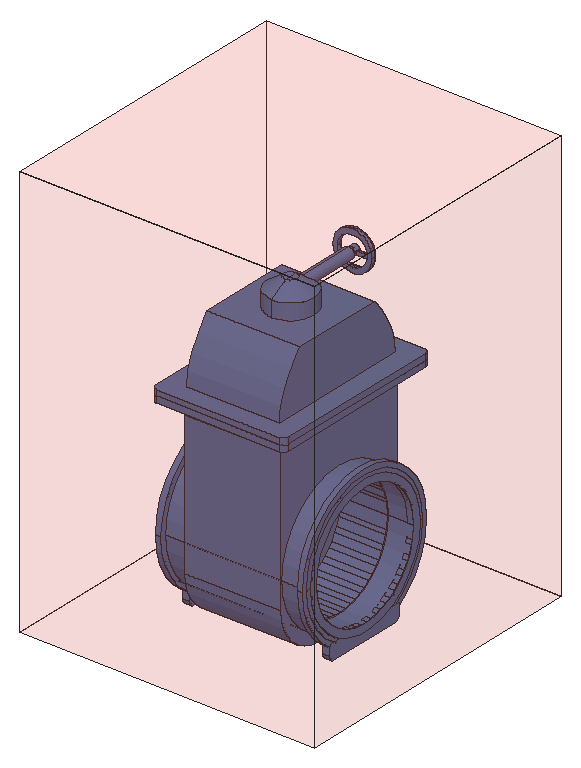
Revit family "Поли-Групп_ЗадвижкаКлиноваяEAZ-EК-F5_DN1000-1200", category Арматура трубопроводов, Revit 2019
Family settings
  Размер круглого соединителя = Использовать диаметр
  Тип детали = Клапан - Вставляется
  На основе рабочей плоскости = Нет
  Всегда вертикально = Да
  При загрузке вырезать с полостями = Нет
  Общий = Нет
Parameters (values of type "Загрузите типоразмеры из каталог семейств")
  с = H1 - D * 0.5  # 0.5 mm
  Тип присоединения = "Фланцевое"  # constant formula
  Тип привода = "Редуктор"  # constant formula
  Температура рабочей среды = "0 до +70°С"  # constant formula
  ТВ = "Поли-Групп_ЗадвижкаКлиноваяEAZ-EК-F5_DN1000-1200"  # constant formula
  Срок службы = "50 лет"  # constant formula
  Сервисная зона_Вкл_Выкл [instance] = yes
  Разработчик = "https://3dbim.pro/"
  Рабочая среда = "Техническая вода, канализационные стоки, морская вода"  # constant formula
  Покрытие = "Высококачественное эпоксидное покрытие толщиной 300 мкм"  # constant formula
  Корпус_Глубина = A * 0.8  # 1174.4 mm
  R1 = R * 10  # 390 mm
  L1 = size_lookup(ТВ, "L1", 500 mm, DN, PN)  # 700 mm
  D1 = size_lookup(ТВ, "D1", 340 mm, DN, PN)  # 1160 mm
  A = size_lookup(ТВ, "A", 340 mm, DN, PN)  # 1468 mm
  l3 = L * 0.9  # 1080 mm
  Назначение = "Для установки в качестве запорного устройства на трубопроводах"  # constant formula
  Материал уплотнителя = "PTFE"  # constant formula
  Материал Диска = "Высокопрочный чугун с шаровидным графитом (GGG-40)"  # constant formula
  d1 = DN / 4  # 250 mm
  Класс герметичности = "А по ГОСТ Р 9544-2015"  # constant formula
  Manufacturer = ""
  h2 = H2 * 0.6  # 1095 mm
  Габаритные размеры = size_lookup(ТВ, "Габаритные размеры", "нет данных", DN, PN)  # "1200х1255х1825"
  t = h2 * 0.1  # 109.5 mm
  l2 = L * 0.65  # 780 mm
  l1 = L * 0.6  # 720 mm
  b = size_lookup(ТВ, "b", 20 mm, DN, PN)  # 50 mm
  PN = 10.0 bar
  H1 = size_lookup(ТВ, "H1", 40 mm, DN, PN)  # 628 mm
  D2 = size_lookup(ТВ, "D2", 295 mm, DN, PN)  # 1112 mm
  f = size_lookup(ТВ, "f", 3 mm, DN, PN)  # 5 mm
  URL = ""
  R = size_lookup(ТВ, "R", 40 mm, DN, PN)  # 39 mm
  L = size_lookup(ТВ, "L", 500 mm, DN, PN)  # 1200 mm
  Kv = size_lookup(ТВ, "Kv", 1.0 m³/h, DN, PN)  # 1.0 m³/h
  H2 = size_lookup(ТВ, "H2", 250 mm, DN, PN)  # 1825 mm
  D_Наружный = DN + 9 mm  # 1009 mm
  DN = 1000 mm
  D = size_lookup(ТВ, "D", 340 mm, DN, PN)  # 1255 mm
  ADSK_Расход жидкости [instance] = 0.0 m³/h
  ADSK_Примечание = ""
  ADSK_Потеря давления жидкости [instance] = (ADSK_Расход жидкости / Kv) ^ 2 * 1.0 bar  # 0.0 bar
  ADSK_Позиция = ""
  ADSK_Обозначение = ""
  ADSK_Наименование краткое = size_lookup(ТВ, "ADSK_Наименование краткое", "нет данных", DN, PN)  # "Задвижка клиновая EAZ EK F5 DN1000 PN10"
  ADSK_Наименование = size_lookup(ТВ, "ADSK_Наименование", "нет данных", DN, PN)  # "Задвижка с обрезиненным клином EAZ EK F5 для воды с мягким уплотнением фланцевая маховик DN1000 PN10"
  ADSK_Материал наименование = "Высокопрочный чугун с шаровидным графитом (GGG-40)"  # constant formula
  ADSK_Материал = Высокопрочный чугун GGG-40
  ADSK_Масса_Текст = size_lookup(ТВ, "ADSK_Масса_Текст", "нет данных", DN, PN)  # "нет данных"
  ADSK_Масса = size_lookup(ТВ, "ADSK_Масса", 0, DN)  # 3050
  ADSK_Марка = size_lookup(ТВ, "ADSK_Код изделия", "нет данных", DN, PN)  # "EAZ-GV-4-F5 DN1000 PN10"
  ADSK_Количество = 1  # constant formula
  ADSK_Код изделия = ""
  ADSK_Завод-изготовитель = "ООО ПК «Поли-Групп»"  # constant formula
  ADSK_Единица измерения = "шт"  # constant formula
  ADSK_Версия Revit = "2019"  # constant formula
  ADSK_URL страницы изделия = "https://www.polycorr.ru/"
Reference planes
  plane 1 "По центру (Вперед/Назад)": y = 0
  plane 2: z = 0
  plane 3 "По центру (Влево/Вправо)": x = 0
  plane 4: y = 500
  plane 5: y = -500
  plane 6: x = -600
  plane 7: x = 600
  plane 8: x = -154
  plane 9: x = 154
  plane 10: y = 556
  plane 11: y = -556
  plane 12: y = 587.2
  plane 13: y = -587.2
  plane 14 "Корпус": z = 1095
  plane 15: z = 1045
  plane 16: z = 935.5
  plane 17: x = -390
  plane 18: x = 390
  plane 19: x = -360
  plane 20: x = 360
  plane 21: y = 734
  plane 22: y = -734
  plane 23: x = 540
  plane 24: x = -540
  plane 25: y = 587.2
  plane 26: y = -587.2
  plane 27: x = -5
  plane 28: x = 5
  plane 29: z = 500
  plane 30: z = -500
  plane 31 "Штурвал": z = 1825
  plane 32: y = -350
  plane 33: y = 350
  plane 34: z = -628
Forms (mm)
  Revolve 1, solid, material "Высокопрочный чугун GGG-40" <- "ADSK_Материал", detail levels fine
    sketch origin (0, 0, 0) x (1, 0, 0) y (0, 1, 0)
      loop
        line (-600, 587.2) -> (-600, 0) -> (600, 0) -> (600, 587.2) -> (-600, 587.2)
      axis (-600, 0) -> (600, 0)
    angle from 0 to 360
  Extrusion 2, solid, material "Высокопрочный чугун GGG-40" <- "ADSK_Материал", detail levels fine
    sketch origin (-117.677, -1524, 1045) x (-1, 0, 0) y (0, -1, 0)
      loop
        arc (383.323, -2258) -> (410.9, -2246.577) -> (422.323, -2219) r 39
        line (422.323, -2219) -> (422.323, -829)
        arc (422.323, -829) -> (410.9, -801.423) -> (383.323, -790) r 39
        line (383.323, -790) -> (-618.677, -790)
        arc (-618.677, -790) -> (-646.255, -801.423) -> (-657.677, -829) r 39
        line (-657.677, -829) -> (-657.677, -2219)
        arc (-657.677, -2219) -> (-646.255, -2246.577) -> (-618.677, -2258) r 39
        line (-618.677, -2258) -> (383.323, -2258)
    from 0 to 50
  Extrusion 3, solid, material "Высокопрочный чугун GGG-40" <- "ADSK_Материал", detail levels fine
    sketch origin (-117.677, -1524, 935.5) x (-1, 0, 0) y (0, -1, 0)
      loop
        line (272.323, -936.8) -> (-507.677, -936.8) -> (-507.677, -2111.2) -> (272.323, -2111.2) -> (272.323, -936.8)
    from 0 to 109.5
  Extrusion 4, void
    sketch origin (-154, 168.089, 1200) x (0, -1, 0) y (0, 0, 1)
      loop
        circle (168.089, -1200) r 500
    from 446 to -754
  Extrusion 5, solid, material "Высокопрочный чугун GGG-40" <- "ADSK_Материал", detail levels fine
    sketch origin (0, 0, 0) x (0, 1, 0) y (0, 0, 1)
      loop
        circle (0, 0) r 500
    from -5 to 5
  Extrusion 6, solid, material "Высокопрочный чугун GGG-40" <- "ADSK_Материал", detail levels fine
    sketch origin (0, 0, 0) x (1, 0, 0) y (0, 1, 0)
      loop
        circle (0, 0) r 125
    from -500 to 500
  Extrusion 7, solid, material "Высокопрочный чугун GGG-40" <- "ADSK_Материал", detail levels fine
    sketch origin (0, 0, 0) x (0, 1, 0) y (0, 0, 1)
      loop
        line (-587.2, 935.5) -> (-587.2, -225)
        arc (-587.2, -225) -> (-472.972, -500.772) -> (-197.2, -615) r 390
        line (-197.2, -615) -> (197.2, -615)
        arc (197.2, -615) -> (472.972, -500.772) -> (587.2, -225) r 390
        line (587.2, -225) -> (587.2, 935.5) -> (-587.2, 935.5)
    from -390 to 390
  Extrusion 8, solid, material "Высокопрочный чугун GGG-40" <- "ADSK_Материал", detail levels fine
    sketch origin (0, 0, 0) x (0, 1, 0) y (0, 0, 1)
      loop
        arc (310, -628) -> (338.284, -616.284) -> (350, -588) r 40
        line (350, -588) -> (350, -500) -> (-350, -500) -> (-350, -588)
        arc (-350, -588) -> (-338.284, -616.284) -> (-310, -628) r 40
        line (-310, -628) -> (310, -628)
    from 600 to 540
  Extrusion 9, solid, material "Высокопрочный чугун GGG-40" <- "ADSK_Материал", detail levels fine
    sketch origin (0, 0, 0) x (0, 1, 0) y (0, 0, 1)
      loop
        line (-350, -500) -> (-350, -588)
        arc (-350, -588) -> (-338.284, -616.284) -> (-310, -628) r 40
        line (-310, -628) -> (310, -628)
        arc (310, -628) -> (338.284, -616.284) -> (350, -588) r 40
        line (350, -588) -> (350, -500) -> (-350, -500)
    from -540 to -600
Cuts and joins
  Extrusion 4 cuts Revolve 1
  Extrusion 4 cuts Extrusion 7
Dimensions and locks
  equal spacing: plane 4, plane 1 "По центру (Вперед/Назад)", plane 5
  "DN": plane 4 to plane 5
  equal spacing: plane 10, plane 1 "По центру (Вперед/Назад)", plane 11
  "D2": plane 10 to plane 11
  equal spacing: plane 12, plane 1 "По центру (Вперед/Назад)", plane 13
  "Корпус_Глубина": plane 12 to plane 13
  "b": plane 14 "Корпус" to plane 15
  "h2": plane 14 "Корпус" to plane 2
  equal spacing: plane 19, plane 3 "По центру (Влево/Вправо)", plane 20
  "l1": plane 19 to plane 20
  equal spacing: plane 17, plane 3 "По центру (Влево/Вправо)", plane 18
  "l2": plane 17 to plane 18
  equal spacing: plane 21, plane 1 "По центру (Вперед/Назад)", plane 22
  "A": plane 21 to plane 22
  equal spacing: plane 24, plane 3 "По центру (Влево/Вправо)", plane 23
  "l3": plane 24 to plane 23
  "Корпус_Глубина": plane 25 to plane 26
  equal spacing: plane 26, plane 1 "По центру (Вперед/Назад)", plane 25
  equal spacing: plane 28, plane 3 "По центру (Влево/Вправо)", plane 27
  locked: plane 28 to plane 3 "По центру (Влево/Вправо)" at 5
  "t": plane 15 to plane 16
  equal spacing: plane 29, level, plane 30
  "DN": plane 29 to plane 30
  "H2": plane 31 "Штурвал" to level
  equal spacing: plane 6, nested 3, plane 7
  "L": plane 6 to plane 7
  equal spacing: plane 6, plane 3 "По центру (Влево/Вправо)", plane 7
  equal spacing: plane 32, plane 1 "По центру (Вперед/Назад)", plane 33
  "L1": plane 32 to plane 33
  "H1": level to plane 34
  "R": radius of Extrusion 2 sketch curve  (x4)
  "DN": diameter of Extrusion 4 sketch curve
  "DN": diameter of Extrusion 5 sketch curve
  "d1": diameter of Extrusion 6 sketch curve
  "R1": radius of Extrusion 7 sketch curve  (x2)
  radius of Extrusion 8 sketch curve = 40 mm  (x2)
  radius of Extrusion 9 sketch curve = 40 mm  (x2)
  aligned and locked: level to plane 2
  aligned and locked: Revolve 1 sketch curve to plane 12
  aligned and locked: plane 1 "По центру (Вперед/Назад)" to Revolve 1 sketch curve
  aligned and locked: Extrusion 2 sketch curve to plane 21
  aligned and locked: Extrusion 2 sketch curve to plane 24
  aligned and locked: Extrusion 2 sketch curve to plane 22
  aligned and locked: Extrusion 2 sketch curve to plane 23
  aligned and locked: plane 14 "Корпус" to Extrusion 2
  aligned and locked: plane 26 to Extrusion 3 sketch curve
  aligned and locked: Extrusion 3 sketch curve to plane 17
  aligned and locked: Extrusion 3 sketch curve to plane 25
  aligned and locked: Extrusion 3 sketch curve to plane 18
  aligned and locked: Revolve 1 sketch curve to plane 1 "По центру (Вперед/Назад)"
  aligned and locked: nested 1 to plane 1 "По центру (Вперед/Назад)"
  aligned and locked: plane 1 "По центру (Вперед/Назад)" to nested 2
  aligned and locked: Extrusion 5 to plane 27
  aligned and locked: Extrusion 5 to plane 28
  aligned and locked: Extrusion 3 to plane 15
  aligned and locked: Extrusion 6 to plane 30
  aligned and locked: plane 29 to Extrusion 6
  aligned and locked: plane 1 "По центру (Вперед/Назад)" to nested 3
  aligned and locked: Revolve 1 sketch curve to plane 7
  aligned and locked: cut or joined group of Revolve 1, Extrusion 4 to plane 6
  aligned and locked: Extrusion 4 to plane 6
  aligned and locked: plane 7 to Extrusion 4
  aligned and locked: plane 3 "По центру (Влево/Вправо)" to nested 4
  aligned and locked: plane 1 "По центру (Вперед/Назад)" to nested 4
  aligned and locked: nested 4 to level
  aligned and locked: plane 3 "По центру (Влево/Вправо)" to nested 5
  aligned and locked: nested 5 to level
  aligned and locked: plane 3 "По центру (Влево/Вправо)" to nested 6
  aligned and locked: Extrusion 7 sketch curve to Extrusion 3  (x2)
  aligned and locked: Extrusion 7 sketch curve to plane 12
  aligned and locked: Extrusion 7 to plane 17
  aligned and locked: Extrusion 7 to plane 18
  aligned and locked: plane 34 to Extrusion 8 sketch curve
  aligned and locked: plane 32 to Extrusion 8 sketch curve
  aligned and locked: Extrusion 8 sketch curve to plane 33
  aligned and locked: Extrusion 8 sketch curve to Extrusion 6
  aligned and locked: Extrusion 9 sketch curve to plane 30
  aligned and locked: plane 32 to Extrusion 9 sketch curve
  aligned and locked: plane 34 to Extrusion 9 sketch curve
  aligned and locked: plane 33 to Extrusion 9 sketch curve
  aligned and locked: nested 1 to Extrusion 9
  aligned and locked: Extrusion 9 to plane 24
  aligned and locked: Extrusion 8 to nested 2
  aligned and locked: Extrusion 8 to plane 23
  aligned and locked: Extrusion 9 to plane 6
  aligned and locked: plane 7 to Extrusion 8
Automatic sketch dimensions
  Revolve 1 sketch curve to plane 6 = 14 mm
  Revolve 1 sketch curve to plane 7 = 5 mm
  Revolve 1 sketch curve to plane 6 = 0 mm
  Extrusion 8 sketch curve to plane 30 = 0 mm
  Extrusion 4 sketch curve to level = 0 mm
  Extrusion 4 sketch curve to plane 1 "По центру (Вперед/Назад)" = 0 mm
  Extrusion 5 sketch curve to level = 0 mm
  Extrusion 5 sketch curve to plane 1 "По центру (Вперед/Назад)" = 0 mm
  plane 1 "По центру (Вперед/Назад)" to Extrusion 6 sketch curve = 0 mm
  Extrusion 6 sketch curve to plane 3 "По центру (Влево/Вправо)" = 0 mm
  Extrusion 7 sketch curve to level = 225 mm
Nested families
  nested 1: "Вл_Фланец" at (-555, 0, 0) x (-1, 0, 0) z (0, 0, 1), type "Вл_Фланец", detail levels fine
    with D2 1112 mm, D 1255 mm, b 50 mm, DN 1000 mm
  nested 2: "Вл_Фланец" at (555, 0, 0), type "Вл_Фланец", detail levels fine
    with D2 1112 mm, D 1255 mm, b 50 mm, DN 1000 mm
  nested 3: "Вл_КрышкаКорпусаРедукторEAZ-EK" at (0, 0, 1095), type "Вл_КрышкаКорпусаРедукторEAZ-EK", detail levels fine
  nested 4: "УГО_АТ_Задвижка" at (-0.685, 0, 0) x (1, 0, 0) z (0, -1, 0), type "УГО_АТ_Задвижка", detail levels coarse+medium
    with УГО_Длина 1200 mm, b 346.41 mm
  nested 5: "УГО_ЭУ_Задвижка" at (0, 0, 0) x (1, 0, 0) z (0, -1, 0), type "УГО_ЭУ_Задвижка", detail levels coarse+medium
    with УГО_Длина 1200 mm, b 346.41 mm
  nested 6: "Вл_СервиснаяЗона" at (0, 0, -19.073), visible <- "Сервисная зона_Вкл_Выкл", Длина <- "L", ВысотаНадОсью <- "H2", ВысотаПодОсью <- "H1", ДиаметрФланца <- "D", type "Вл_СервиснаяЗона", detail levels fine
    with СЗ_ШиринаНазад 1255 mm, СЗ_ШиринаВперед 1255 mm, СЗ_Длина 2400 mm, СЗ_ВысотаПодОсью 628 mm, СЗ_ВысотаНадОсью 2737.5 mm, Длина 1200 mm, ДиаметрФланца 1255 mm, ВысотаПодОсью 628 mm, ВысотаНадОсью 1825 mm, on_off yes
Connectors
  piping at (600, 0, 0), diameter 1000, driven by "DN", driven by "ADSK_Расход жидкости"
    settings: on cut or joined group of Revolve 1, Extrusion 4, index 1, connector inside diameter 609.6 mm, connector length 0 mm, flow factor 0, pipe flow 0.0 m³/h, pressure drop 0.0 bar, fitting loss kfactor 0, connector angle 0.00°, fixture units 0, engagement length 0 mm, angle of deflection 0.00°, flow configuration 0, flow direction 0, fitting loss method 0, system type 29, joint type 0, gender type 0, connector reference index 2, connector utility 0, adjustable connector no, is connector primary yes, connector description ""
  piping at (-600, 0, 0), diameter 1000, driven by "DN", driven by "ADSK_Расход жидкости", driven by "ADSK_Потеря давления жидкости"
    settings: on cut or joined group of Revolve 1, Extrusion 4, index 2, connector inside diameter 609.6 mm, connector length 0 mm, flow factor 0, pipe flow 0.0 m³/h, pressure drop 0.0 bar, fitting loss kfactor 0, connector angle 0.00°, fixture units 0, engagement length 0 mm, angle of deflection 0.00°, flow configuration 0, flow direction 0, fitting loss method 4, system type 29, joint type 0, gender type 0, connector reference index 1, connector utility 0, adjustable connector no, is connector primary no, connector description ""
Definition of nested family "Вл_Фланец"
  Parameters (values of type "Вл_Фланец")
    Материал = none
    Manufacturer = ""
    D2 = 682 mm
    f = 5 mm
    URL = ""
    D = 780 mm
    b = 36 mm
    DN = 600 mm
  Reference planes
    plane 1 "По центру (Вперед/Назад)": y = 0
    plane 2: z = 0
    plane 3 "По центру (Влево/Вправо)": x = 0
    plane 4: x = 31
    plane 5: x = 36
  Forms (mm)
    Extrusion 1, solid, material <- "Материал"
      sketch origin (0, 0, 0) x (0, 1, 0) y (0, 0, 1)
        loop
          circle (0, 1.343) r 390
        loop
          circle (0, 0) r 300
      from 0 to 31
    Extrusion 2, solid, material <- "Материал"
      sketch origin (31, 232.183, 1200) x (0, 1, 0) y (0, 0, 1)
        loop
          circle (-232.183, -1200) r 341
        loop
          circle (-232.183, -1200) r 300
      from 0 to 5
  Dimensions and locks
    "f": plane 4 to plane 5
    "b": plane 3 "По центру (Влево/Вправо)" to plane 5
    "D": diameter of Extrusion 1 sketch curve
    "DN": diameter of Extrusion 1 sketch curve
    "DN": diameter of Extrusion 2 sketch curve
    "D2": diameter of Extrusion 2 sketch curve
    aligned and locked: level to plane 2
    aligned and locked: Extrusion 1 to plane 4
    aligned and locked: Extrusion 2 to plane 5
  Automatic sketch dimensions
    Extrusion 1 sketch curve to level = 0 mm
    Extrusion 1 sketch curve to plane 1 "По центру (Вперед/Назад)" = 0 mm  (x2)
    level to Extrusion 1 sketch curve = 1.343 mm
    Extrusion 2 sketch curve to Extrusion 2 sketch curve = 0 mm  (x2)
    Extrusion 2 sketch curve to level = 0 mm
    Extrusion 2 sketch curve to plane 1 "По центру (Вперед/Назад)" = 0 mm
Definition of nested family "Вл_КрышкаКорпусаРедукторEAZ-EK"
  Parameters (values of type "Вл_КрышкаКорпусаРедукторEAZ-EK")
    Штурвал_Высота = DO * 0.25  # 80 mm
    Редуктор_Длина = Редуктор_Вал_r1 * 2  # 756 mm
    Редуктор_Высота = H2 * 0.05  # 91.25 mm
    Редукто_Диаметр = Крышка_Ширина * 0.25  # 189 mm
    Крышка_Ширина = l3 * 0.7  # 756 mm
    Крышка_Глубина = A * 0.8  # 1174.4 mm
    ТВ = "Поли-Групп_ЗадвижкаКлиноваяEAZ-EК-F5_DN1000-1200"  # constant formula
    Редуктор_Вал_r1 = Крышка_Ширина * 0.5  # 378 mm
    l3 = L * 0.9  # 1080 mm
    Default Elevation = 1219.2 mm
    Материал = none
    h2 = 1095 mm
    Manufacturer = ""
    PN = 10.0 bar
    A = size_lookup(ТВ, "A", 500 mm, DN, PN)  # 1468 mm
    Крышка_Высота = КрышкаКорпуса_Высота * 0.8  # 511 mm
    КрышкаКорпуса_Высота = H2 - h2 - Редуктор_Высота  # 638.75 mm
    Верх_Глубина = Редуктор_Вал_r2 / 5  # 45.36 mm
    b = size_lookup(ТВ, "b", 20 mm, DN, PN)  # 50 mm
    URL = ""
    R = size_lookup(ТВ, "R", 40 mm, DN, PN)  # 39 mm
    L = size_lookup(ТВ, "L", 500 mm, DN, PN)  # 1200 mm
    H2 = size_lookup(ТВ, "H2", 250 mm, DN, PN)  # 1825 mm
    Редуктор_Вал_r2 = Крышка_Ширина * 0.3  # 226.8 mm
    DO = 320 mm  # constant formula
    DN = 1000 mm
    D = size_lookup(ТВ, "D", 340 mm, DN, PN)  # 1255 mm
  Reference planes
    plane 1 "По центру (Вперед/Назад)": y = 0
    plane 2: z = 0
    plane 3 "По центру (Влево/Вправо)": x = 0
    plane 4: y = 734
    plane 5: y = -734
    plane 6: x = 540
    plane 7: x = -540
    plane 8: z = 50
    plane 9: x = 46.6
    plane 10: x = -46.6
    plane 11: y = 64.5
    plane 12 "1": y = -55
    plane 13: z = 511
    plane 14 "ШляпаНиз2": y = 587.2
    plane 15 "ШляпаНиз1": y = -587.2
    plane 16: x = 378
    plane 17: x = -378
    plane 18: x = 113.4
    plane 19: x = -113.4
    plane 20: y = 378
    plane 21: y = -378
    plane 22: z = 638.75
    plane 23: z = 255.5
    plane 24: z = 119.481
    plane 25 "Штурвал2": z = 730
    plane 26 "Штурвал": y = 756
    plane 27: z = 684.375
    plane 28: y = -189
  Forms (mm)
    Extrusion 1, solid, material <- "Материал"
      sketch origin (0, 0, 0) x (1, 0, 0) y (0, 1, 0)
        loop
          arc (-501, 734) -> (-528.577, 722.577) -> (-540, 695) r 39
          line (-540, 695) -> (-540, -695)
          arc (-540, -695) -> (-528.577, -722.577) -> (-501, -734) r 39
          line (-501, -734) -> (501, -734)
          arc (501, -734) -> (528.577, -722.577) -> (540, -695) r 39
          line (540, -695) -> (540, 695)
          arc (540, 695) -> (528.577, 722.577) -> (501, 734) r 39
          line (501, 734) -> (-501, 734)
      from 0 to 50
    Extrusion 2, solid, material <- "Материал"
      sketch origin (0, 0, 0) x (0, 1, 0) y (0, 0, 1)
        loop
          spline (-378, 511) -> (-411.059, 469.915) -> (-441.277, 429.315) -> (-468.654, 389.201) -> (-493.19, 349.571) -> (-514.885, 310.427) -> (-533.739, 271.768) -> (-549.752, 233.594) -> (-562.923, 195.905) -> (-573.254, 158.701) -> (-580.744, 121.982) -> (-585.392, 85.748) -> (-587.2, 50)
          line (-587.2, 50) -> (587.2, 50)
          spline (587.2, 50) -> (585.392, 85.748) -> (580.744, 121.982) -> (573.254, 158.701) -> (562.923, 195.905) -> (549.752, 233.594) -> (533.739, 271.768) -> (514.885, 310.427) -> (493.19, 349.571) -> (468.654, 389.201) -> (441.277, 429.315) -> (411.059, 469.915) -> (378, 511)
          line (378, 511) -> (-378, 511)
      from -378 to 378
    Revolve 3, solid, material <- "Материал"
      sketch origin (0, 0, 0) x (0, 1, 0) y (0, 0, 1)
        loop
          line (-55, 730) -> (-189, 638.75) -> (-189, 511) -> (0, 511) -> (0, 730) -> (-55, 730)
        axis (0, 511) -> (0, 730)
      angle from 0 to 360
    Revolve 4, solid, material <- "Материал"
      sketch origin (0, 0, 0) x (0, 1, 0) y (0, 0, 1)
        loop
          line (0, 638.75) -> (587.2, 638.75) -> (587.2, 684.375) -> (0, 684.375) -> (0, 638.75)
        axis (587.2, 638.75) -> (0, 638.75)
      angle from 0 to 360
  Dimensions and locks
    equal spacing: plane 7, plane 3 "По центру (Влево/Вправо)", plane 6
    "l3": plane 7 to plane 6
    equal spacing: plane 4, plane 1 "По центру (Вперед/Назад)", plane 5
    "A": plane 4 to plane 5
    "b": plane 8 to plane 2
    "Крышка_Высота": plane 13 to plane 2
    equal spacing: plane 17, plane 3 "По центру (Влево/Вправо)", plane 16
    "Крышка_Ширина": plane 17 to plane 16
    equal spacing: plane 14 "ШляпаНиз2", plane 1 "По центру (Вперед/Назад)", plane 15 "ШляпаНиз1"
    "Крышка_Глубина": plane 14 "ШляпаНиз2" to plane 15 "ШляпаНиз1"
    equal spacing: plane 20, plane 1 "По центру (Вперед/Назад)", plane 21
    equal spacing: plane 19, plane 3 "По центру (Влево/Вправо)", plane 18
    "Крышка_Ширина": plane 20 to plane 21
    "Редуктор_Вал_r2": plane 19 to plane 18
    "КрышкаКорпуса_Высота": plane 22 to plane 2
    "Редуктор_Высота": plane 25 "Штурвал2" to plane 22
    equal spacing: plane 13, plane 23, level
    "Редуктор_Длина": plane 1 "По центру (Вперед/Назад)" to plane 26 "Штурвал"
    equal spacing: plane 25 "Штурвал2", plane 27, plane 22
    "Редукто_Диаметр": plane 28 to plane 1 "По центру (Вперед/Назад)"
    "R": radius of Extrusion 1 sketch curve  (x4)
    aligned and locked: level to plane 2
    aligned and locked: Extrusion 1 sketch curve to plane 4
    aligned and locked: plane 7 to Extrusion 1 sketch curve
    aligned and locked: plane 5 to Extrusion 1 sketch curve
    aligned and locked: Extrusion 1 sketch curve to plane 6
    aligned and locked: Extrusion 1 to plane 8
    aligned and locked: Extrusion 2 sketch curve to plane 13
    aligned and locked: plane 14 "ШляпаНиз2" to Extrusion 2 sketch curve
    aligned and locked: plane 15 "ШляпаНиз1" to Extrusion 2 sketch curve
    aligned and locked: Extrusion 2 to plane 8
    aligned and locked: plane 17 to Extrusion 2
    aligned and locked: plane 16 to Extrusion 2
    aligned and locked: plane 21 to Extrusion 2 sketch curve
    aligned and locked: plane 20 to Extrusion 2 sketch curve
    aligned and locked: plane 13 to Extrusion 2 sketch curve
    aligned and locked: Revolve 3 sketch curve to plane 1 "По центру (Вперед/Назад)"
    aligned and locked: plane 22 to Revolve 4 sketch curve
    aligned and locked: plane 1 "По центру (Вперед/Назад)" to Revolve 4 sketch curve
    aligned and locked: Revolve 4 sketch curve to plane 27
    aligned and locked: plane 22 to nested 1
    aligned and locked: plane 1 "По центру (Вперед/Назад)" to Revolve 3 sketch curve
    aligned and locked: plane 13 to Revolve 3 sketch curve
    aligned and locked: plane 28 to Revolve 3 sketch curve  (x2)
    aligned and locked: Revolve 3 sketch curve to plane 25 "Штурвал2"
    aligned and locked: plane 22 to Revolve 3 sketch curve
    aligned and locked: plane 12 "1" to Revolve 3 sketch curve
    aligned and locked: plane 14 "ШляпаНиз2" to Revolve 4 sketch curve
    aligned and locked: plane 14 "ШляпаНиз2" to nested 1
  Automatic sketch dimensions
    Extrusion 2 sketch curve to plane 8 = 0 mm
    Revolve 4 sketch curve to plane 22 = 0 mm
    plane 21 to Revolve 4 sketch curve = 45.45 mm
    plane 20 to Revolve 4 sketch curve = 94.2 mm
    Revolve 3 sketch curve to plane 13 = 120 mm
    Revolve 3 sketch curve to Revolve 3 sketch curve = 155.98 mm
  Nested families
    nested 1: "Вл_Штурвал" at (0, 587.2, 638.75) x (1, 0, 0) z (0, 1, 0), type "Вл_Штурвал"
      with Штурвал_Осьd 281.6 mm, Штурвал_Высота 80 mm, Штурвал_КольцоШирина 38.4 mm, Держалка_Ширина/2 13.714 mm, Держалка_Ширина 27.429 mm, Держалка_d 224 mm, Держалка_Отступ 3.2 mm, Штурвал_ВнКольцоВысота 42.24 mm, Штурвал_ВнВысота 52 mm, DO 320 mm, Штурвал_Скруглений_r 12.672 mm, Штурвал_ВнКольцо_r 35.2 mm, Штурвал_Стойка_D 32 mm, D_Гайка 23.467 mm, DN 1000 mm
  Definition of nested family "Вл_Штурвал"
    Parameters (values of type "Вл_Штурвал")
      Штурвал_Осьd = DO - Штурвал_КольцоШирина  # 528 mm
      Штурвал_Высота = DO * 0.25  # 150 mm
      Штурвал_КольцоШирина = DO * 0.12  # 72 mm
      Держалка_Ширина/2 = Держалка_Ширина * 0.5  # 25.714 mm
      Держалка_Ширина = Штурвал_КольцоШирина / 1.4  # 51.429 mm
      Держалка_d = Штурвал_Осьd - Штурвал_КольцоШирина * 1.5  # 420 mm
      Держалка_Отступ = Штурвал_Стойка_D * 0.1  # 6 mm
      Default Elevation = 1219.2 mm
      Материал_Штурвал = none
      Manufacturer = ""
      Штурвал_ВнКольцоВысота = Штурвал_ВнКольцо_r * 1.2  # 79.2 mm
      Штурвал_ВнВысота = Штурвал_Высота * 0.65  # 97.5 mm
      DO = 600 mm
      URL = ""
      Штурвал_Скруглений_r = Штурвал_КольцоШирина * 0.33  # 23.76 mm
      Штурвал_ВнКольцо_r = DO * 0.11  # 66 mm
      Штурвал_Стойка_D = Штурвал_Высота * 0.4  # 60 mm
      D_Гайка = Штурвал_ВнКольцо_r / 1.5  # 44 mm
      DN = 500 mm
    Reference planes
      plane 1 "По центру (Вперед/Назад)": y = 0
      plane 2: z = 0
      plane 3 "По центру (Влево/Вправо)": x = 0
      plane 4: x = 300
      plane 5: x = -300
      plane 6: y = 300
      plane 7: y = -300
      plane 8: z = 150
      plane 9: z = 78
      plane 10: x = 228
      plane 11: z = 131.7
      plane 12: z = 103.714
      plane 13: z = 52.5
      plane 14: x = 66
      plane 15: z = 58.5
    Forms (mm)
      Revolve 1, solid
        sketch origin (0, 0, 0) x (1, 0, 0) y (0, 0, 1)
          loop
            arc (251.76, 150) -> (234.959, 143.041) -> (228, 126.24) r 23.76
            line (228, 126.24) -> (228, 78) -> (300, 78) -> (300, 126.24)
            arc (300, 126.24) -> (293.041, 143.041) -> (276.24, 150) r 23.76
            line (276.24, 150) -> (251.76, 150)
          axis (0, 150) -> (0, 78)
        angle from 0 to 360
      Revolve 2, solid
        sketch origin (0, 0, 0) x (1, 0, 0) y (0, 0, 1)
          loop
            line (0, 131.7) -> (0, 52.5) -> (66, 52.5) -> (66, 131.7) -> (0, 131.7)
          axis (0, 131.7) -> (0, 52.5)
        angle from 0 to 360
      Extrusion 3, solid
        sketch origin (-128.236, -1524, 257.2) x (-1, 0, 0) y (0, -1, 0)
          loop
            circle (-128.236, -1524) r 30
        from -204.7 to -257.2
      Sweep 4, solid
        path in 3D
          loop
            line (0, 7.5, 58.5) -> (0, 285, 78) -> (0, 294, 78)
        profile "Вл_ПрофильШтурвала : Вл_ПрофильШтурвала" origin (0, 289.5, 78) x (0, 0, 1) y (1, 0, 0)
          loop
            arc (51.429, 8.571) -> (46.408, 20.693) -> (34.286, 25.714) r 17.143
            line (34.286, 25.714) -> (0, 25.714) -> (0, -25.714) -> (34.286, -25.714)
            arc (34.286, -25.714) -> (46.408, -20.693) -> (51.429, -8.571) r 17.143
            line (51.429, -8.571) -> (51.429, 8.571)
      Sweep 5, solid
        path in 3D
          loop
            line (-7.5, 0, 58.5) -> (-285, 0, 78) -> (-294, 0, 78)
        profile "Вл_ПрофильШтурвала : Вл_ПрофильШтурвала" origin (-289.5, 0, 78) x (0, 0, -1) y (0, -1, 0)
          loop
            arc (-51.429, -8.571) -> (-46.408, -20.693) -> (-34.286, -25.714) r 17.143
            line (-34.286, -25.714) -> (0, -25.714) -> (0, 25.714) -> (-34.286, 25.714)
            arc (-34.286, 25.714) -> (-46.408, 20.693) -> (-51.429, 8.571) r 17.143
            line (-51.429, 8.571) -> (-51.429, -8.571)
      Sweep 6, solid
        path in 3D
          loop
            line (0, -7.5, 58.5) -> (0, -285, 78) -> (0, -294, 78)
        profile "Вл_ПрофильШтурвала : Вл_ПрофильШтурвала" origin (0, -289.5, 78) x (0, 0, -1) y (1, 0, 0)
          loop
            arc (-51.429, -8.571) -> (-46.408, -20.693) -> (-34.286, -25.714) r 17.143
            line (-34.286, -25.714) -> (0, -25.714) -> (0, 25.714) -> (-34.286, 25.714)
            arc (-34.286, 25.714) -> (-46.408, 20.693) -> (-51.429, 8.571) r 17.143
            line (-51.429, 8.571) -> (-51.429, -8.571)
      Sweep 7, solid
        path in 3D
          loop
            line (7.5, 0, 58.5) -> (225, 0, 78) -> (294, 0, 78)
        profile "Вл_ПрофильШтурвала : Вл_ПрофильШтурвала" origin (259.5, 0, 78) x (0, 0, 1) y (0, -1, 0)
          loop
            arc (51.429, 8.571) -> (46.408, 20.693) -> (34.286, 25.714) r 17.143
            line (34.286, 25.714) -> (0, 25.714) -> (0, -25.714) -> (34.286, -25.714)
            arc (34.286, -25.714) -> (46.408, -20.693) -> (51.429, -8.571) r 17.143
            line (51.429, -8.571) -> (51.429, 8.571)
    Cuts and joins
      joined: Revolve 1, Revolve 2, Sweep 4, Sweep 5, Sweep 6, Sweep 7
    Lines and regions (mm)
      reference lines
        curve 1: circle (0, 0, 78) r 264 normal (0, 0, 1)
        curve 2: circle (0, 0, 58.5) r 33 normal (0, 0, 1)
        curve 3: circle (0, 0, 78) r 210 normal (0, 0, 1)
        curve 4: line (-7.5, 0, 58.5) -> (-285, 0, 78)
        curve 5: line (-285, 0, 78) -> (-294, 0, 78)
        curve 6: line (7.5, 0, 58.5) -> (225, 0, 78)
        curve 7: line (225, 0, 78) -> (294, 0, 78)
        curve 8: line (0, 7.5, 58.5) -> (0, 285, 78)
        curve 9: line (0, 285, 78) -> (0, 294, 78)
        curve 10: line (0, -7.5, 58.5) -> (0, -285, 78)
        curve 11: line (0, -285, 78) -> (0, -294, 78)
      sketch lines
        curve 12: line (0, 285, 78) -> (0, 294, 78)
        curve 13: line (0, 7.5, 58.5) -> (0, 285, 78)
        curve 14: line (-285, 0, 78) -> (-294, 0, 78)
        curve 15: line (-7.5, 0, 58.5) -> (-285, 0, 78)
        curve 16: line (0, -285, 78) -> (0, -294, 78)
        curve 17: line (0, -7.5, 58.5) -> (0, -285, 78)
        curve 18: line (225, 0, 78) -> (294, 0, 78)
        curve 19: line (7.5, 0, 58.5) -> (225, 0, 78)
    Dimensions and locks
      equal spacing: plane 6, plane 1 "По центру (Вперед/Назад)", plane 7
      "DO": plane 6 to plane 7
      equal spacing: plane 5, plane 3 "По центру (Влево/Вправо)", plane 4
      "DO": plane 5 to plane 4
      "Штурвал_КольцоШирина": plane 8 to plane 9
      "Штурвал_КольцоШирина": plane 4 to plane 10
      "Штурвал_ВнКольцоВысота": plane 11 to plane 13
      "Штурвал_ВнКольцо_r": plane 14 to plane 3 "По центру (Влево/Вправо)"
      "Держалка_Ширина/2": plane 12 to plane 9
      "Штурвал_ВнВысота": plane 8 to plane 13
      "Держалка_Отступ": plane 15 to plane 13
      "Штурвал_Высота": plane 8 to level
      "Штурвал_Стойка_D": diameter of Extrusion 3 sketch curve
      "Штурвал_Осьd": diameter of curve 1
      "Штурвал_ВнКольцо_r": diameter of curve 2
      "Штурвал_Скруглений_r": radius of Revolve 1 sketch curve  (x2)
      "Держалка_d": diameter of curve 3
      aligned and locked: level to plane 2
      aligned and locked: Revolve 1 sketch curve to plane 8
      aligned and locked: plane 10 to Revolve 1 sketch curve
      aligned and locked: plane 9 to Revolve 1 sketch curve
      aligned and locked: Revolve 1 sketch curve to plane 4
      aligned and locked: Revolve 1 sketch curve to plane 3 "По центру (Влево/Вправо)"
      aligned and locked: Revolve 2 sketch curve to plane 11
      aligned and locked: plane 3 "По центру (Влево/Вправо)" to Revolve 2 sketch curve
      aligned and locked: plane 13 to Revolve 2 sketch curve
      aligned and locked: Revolve 2 sketch curve to plane 14
      aligned and locked: Revolve 2 sketch curve to plane 3 "По центру (Влево/Вправо)"
      aligned and locked: curve 2 to curve 4
      aligned and locked: curve 4 to curve 3
      aligned and locked: curve 5 to curve 1
      aligned and locked: curve 2 to curve 6
      aligned and locked: curve 3 to curve 6
      aligned and locked: curve 1 to curve 7
      aligned and locked: curve 2 to curve 8
      aligned and locked: curve 3 to curve 8
      aligned and locked: curve 1 to curve 9
      aligned and locked: curve 2 to curve 10
      aligned and locked: curve 10 to curve 3
      aligned and locked: curve 11 to curve 1
      aligned and locked: Extrusion 3 to level
      aligned and locked: plane 13 to Extrusion 3
    Automatic sketch dimensions
      Revolve 2 sketch curve to plane 13 = 0 mm
      Revolve 2 sketch curve to Revolve 2 sketch curve = 70 mm
      plane 8 to Revolve 2 sketch curve = 40 mm
      plane 5 to curve 5 = 15 mm
      plane 5 to curve 5 = 6 mm
      curve 4 to plane 3 "По центру (Влево/Вправо)" = 7.5 mm
      plane 3 "По центру (Влево/Вправо)" to curve 6 = 7.5 mm
      curve 7 to plane 10 = 3 mm
      curve 7 to plane 4 = 6 mm
      curve 9 to plane 6 = 15 mm
      curve 8 to plane 1 "По центру (Вперед/Назад)" = 7.5 mm
      plane 1 "По центру (Вперед/Назад)" to curve 10 = 7.5 mm
      plane 7 to curve 11 = 15 mm
      plane 7 to curve 11 = 6 mm
      curve 9 to plane 6 = 6 mm
      plane 8 to Revolve 1 sketch curve = 4.2 mm
      Revolve 1 sketch curve to Revolve 1 sketch curve = 155.8 mm
      plane 1 "По центру (Вперед/Назад)" to Extrusion 3 sketch curve = 0 mm
      Extrusion 3 sketch curve to plane 3 "По центру (Влево/Вправо)" = 0 mm
      plane 1 "По центру (Вперед/Назад)" to curve 2 = 0 mm
      curve 2 to plane 3 "По центру (Влево/Вправо)" = 0 mm
      curve 1 to curve 3 = 0 mm  (x2)
      plane 1 "По центру (Вперед/Назад)" to curve 3 = 0 mm
      curve 3 to plane 3 "По центру (Влево/Вправо)" = 0 mm
Definition of nested family "УГО_АТ_Задвижка"
  Parameters (values of type "УГО_АТ_Задвижка")
    УГО_Длина = 210 mm
    b = (УГО_Длина / 2) * tan(30.00°)  # 60.622 mm
  Reference planes
    plane 1 "По центру (Вперед/Назад)": y = 0
    plane 2: z = 0
    plane 3 "По центру (Влево/Вправо)": x = 0.685
    plane 4: z = 60.622
    plane 5: z = -60.622
    plane 6: x = -104.315
    plane 7: x = 105.685
  Forms (mm)
    Extrusion 1, solid
      sketch origin (0, 0, 0) x (1, 0, 0) y (0, 0, 1)
        loop
          line (0.685, 0) -> (-104.315, 60.622) -> (-104.315, -60.622) -> (0.685, 0)
      from -1 to 1
    Extrusion 2, solid
      sketch origin (0, 0, 0) x (-1, 0, 0) y (0, 0, -1)
        loop
          line (-0.685, 0) -> (-105.685, 60.622) -> (-105.685, -60.622) -> (-0.685, 0)
      from -1 to 1
  Lines and regions (mm)
    model lines
      curve 1: line (0.685, 0, 60.622) -> (0.685, 0, -60.622)
  Dimensions and locks
    equal spacing: plane 4, level, plane 5
    "b": plane 4 to level
    equal spacing: plane 7, plane 3 "По центру (Влево/Вправо)", plane 6
    "УГО_Длина": plane 7 to plane 6
    locked: plane 2 to Extrusion 2 sketch curve (angle 30.00°)
    locked: Extrusion 2 sketch curve to plane 2 (angle 30.00°)
    locked: Extrusion 1 sketch curve to plane 2 (angle 30.00°)
    locked: plane 2 to Extrusion 1 sketch curve (angle 30.00°)
    aligned and locked: level to plane 2
    aligned and locked: curve 1 to plane 3 "По центру (Влево/Вправо)"
    aligned and locked: plane 4 to curve 1
    aligned and locked: plane 5 to curve 1
    aligned and locked: Extrusion 1 sketch curve to plane 6
    aligned and locked: Extrusion 2 sketch curve to plane 7
  Automatic sketch dimensions
    Extrusion 1 sketch curve to level = 0 mm
    Extrusion 1 sketch curve to plane 3 "По центру (Влево/Вправо)" = 0 mm
    Extrusion 2 sketch curve to level = 0 mm
    Extrusion 2 sketch curve to plane 3 "По центру (Влево/Вправо)" = 0 mm
Definition of nested family "Вл_СервиснаяЗона"
  Parameters (values of type "Вл_СервиснаяЗона")
    ДиаметрФланца [instance] = 1230 mm
    СЗ_ВысотаПодОсью [instance] = ВысотаПодОсью  # 680 mm
    СЗ_ВысотаНадОсью [instance] = ВысотаНадОсью * 1.5  # 3720 mm
    СЗ_ШиринаВперед [instance] = ДиаметрФланца  # 1230 mm
    Default Elevation = 1219.2 mm
    Материал = none
    Длина [instance] = 550 mm
    СЗ_Длина [instance] = Длина * 2  # 1100 mm
    ВысотаНадОсью [instance] = 2480 mm
    СЗ_ШиринаНазад [instance] = ДиаметрФланца  # 1230 mm
    ВысотаПодОсью [instance] = 680 mm
    on_off [instance] = yes
  Reference planes
    plane 1 "По центру (Вперед/Назад)": y = 0
    plane 2: z = 0
    plane 3 "По центру (Влево/Вправо)": x = 0
    plane 4: x = -550
    plane 5: x = 550
    plane 6: z = 3720
    plane 7: y = 1230
    plane 8: y = -1230
    plane 9: z = -680
  Forms (mm)
    Extrusion 1, solid, material <- "Материал", visible <- "on_off", detail levels fine
      sketch origin (0, 0, 0) x (1, 0, 0) y (0, 1, 0)
        loop
          line (-550, 1230) -> (-550, -1230) -> (550, -1230) -> (550, 1230) -> (-550, 1230)
      from -680 to 3720
  Lines and regions (mm)
    symbolic lines, visible <- "on_off", detail levels fine
      curve 1: line (-550, 0, 3720) -> (550, 0, 3720)
      curve 2: line (550, 0, 3720) -> (550, 0, -680)
      curve 3: line (-550, -1230, 0) -> (-550, 1230, 0)
      curve 4: line (550, 1230, 0) -> (550, -1230, 0)
  Dimensions and locks
    equal spacing: plane 4, plane 3 "По центру (Влево/Вправо)", plane 5
    "СЗ_Длина": plane 4 to plane 5
    "СЗ_ВысотаНадОсью": plane 6 to level
    "СЗ_ВысотаПодОсью": level to plane 9
    "СЗ_ШиринаВперед": plane 1 "По центру (Вперед/Назад)" to plane 8
    "СЗ_ШиринаНазад": plane 7 to plane 1 "По центру (Вперед/Назад)"
    aligned and locked: level to plane 2
    aligned and locked: Extrusion 1 sketch curve to plane 4
    aligned and locked: Extrusion 1 sketch curve to plane 5
    aligned and locked: curve 1 to plane 6
    aligned and locked: curve 2 to plane 5
    aligned and locked: curve 3 to plane 4
    aligned and locked: curve 4 to plane 5
    aligned and locked: plane 9 to curve 2
    aligned and locked: Extrusion 1 to plane 8
    aligned and locked: plane 7 to Extrusion 1
    aligned and locked: plane 6 to Extrusion 1
    aligned and locked: Extrusion 1 to plane 9
  Automatic sketch dimensions
    Extrusion 1 sketch curve to plane 8 = 0 mm
    Extrusion 1 sketch curve to plane 7 = 0 mm
    plane 8 to curve 4 = 0 mm
    curve 3 to plane 8 = 0 mm
    plane 7 to curve 4 = 0 mm
    curve 3 to plane 7 = 0 mm
    curve 1 to plane 4 = 0 mm
Definition of nested family "УГО_ЭУ_Задвижка"
  Parameters (values of type "УГО_ЭУ_Задвижка")
    УГО_Длина = 60 mm
    b = (УГО_Длина / 2) * tan(30.00°)  # 17.321 mm
  Reference planes
    plane 1 "По центру (Вперед/Назад)": y = 0
    plane 2: z = 0
    plane 3 "По центру (Влево/Вправо)": x = 0
    plane 4: x = -30
    plane 5: x = 30
    plane 6: y = 17.321
    plane 7: y = -17.321
  Lines and regions (mm)
    Filled region 1, type "Сплошная заливка - Белый", in view "Опорный уровень"
      outline origin (0, 0, 0) x (1, 0, 0) y (0, 1, 0)
        loop
          line (0, 0) -> (-30, 17.321) -> (-30, -17.321) -> (0, 0)
    Filled region 2, type "Сплошная заливка - Белый", in view "Опорный уровень"
      outline origin (0, 0, 0) x (1, 0, 0) y (0, 1, 0)
        loop
          line (0, 0) -> (30, -17.321) -> (30, 17.321) -> (0, 0)
    detail lines, in view "Опорный уровень"
      curve 1: line (0, 0, 0) -> (-30, 17.321, 0)
      curve 2: line (0, 0, 0) -> (-30, -17.321, 0)
      curve 3: line (-30, -17.321, 0) -> (-30, 17.321, 0)
      curve 4: line (0, 0, 0) -> (30, 17.321, 0)
      curve 5: line (0, 0, 0) -> (30, -17.321, 0)
      curve 6: line (30, -17.321, 0) -> (30, 17.321, 0)
      curve 7: line (0, -17.321, 0) -> (0, 17.321, 0)
  Dimensions and locks
    equal spacing: plane 4, plane 3 "По центру (Влево/Вправо)", plane 5
    "УГО_Длина": plane 4 to plane 5
    equal spacing: plane 6, plane 1 "По центру (Вперед/Назад)", plane 7
    "b": plane 6 to plane 1 "По центру (Вперед/Назад)"
    locked: plane 1 "По центру (Вперед/Назад)" to curve 4 (angle 30.00°)
    locked: curve 1 to plane 1 "По центру (Вперед/Назад)" (angle 30.00°)
    locked: plane 1 "По центру (Вперед/Назад)" to curve 2 (angle 30.00°)
    locked: curve 5 to plane 1 "По центру (Вперед/Назад)" (angle 30.00°)
    aligned and locked: plane 4 to curve 3
    aligned and locked: curve 6 to plane 5
    aligned and locked: Filled region 1 sketch curve to curve 1
    aligned and locked: Filled region 1 sketch curve to curve 3
    aligned and locked: Filled region 1 sketch curve to curve 2
    aligned and locked: Filled region 2 sketch curve to curve 4
    aligned and locked: Filled region 2 sketch curve to curve 6
    aligned and locked: Filled region 2 sketch curve to curve 5
    aligned and locked: plane 3 "По центру (Влево/Вправо)" to curve 7
    aligned and locked: plane 6 to curve 7
    aligned and locked: plane 7 to curve 7
  Automatic sketch dimensions
    plane 1 "По центру (Вперед/Назад)" to curve 2 = 0 mm
    curve 2 to plane 3 "По центру (Влево/Вправо)" = 0 mm
Types in the file's own list only (4): name | с | Корпус_Глубина | R1 | L1 | D1 | A | l3 | d1 | h2 | Габаритные размеры | t | l2 | l1 | b | PN | H1 | D2 | f | R | L | Kv | H2 | D_Наружный | DN | D | ADSK_Наименование краткое | ADSK_Наименование | ADSK_Масса_Текст | ADSK_Масса | ADSK_Марка
  1000-16 | 1 мм | 1174 мм | 390 мм | 700 мм | 1170 мм | 1468 мм | 1080 мм | 250 мм | 1095 мм | "1200х1255х1825" | 110 мм | 780 мм | 720 мм | 50 мм | 16.0 бары | 628 мм | 1115 мм | 5 мм | 39 мм | 1200 мм | 1.0 м³/ч | 1825 мм | 1009 мм | 1000 мм | 1255 мм | "Задвижка клиновая EAZ EK F5 DN1000 PN16" | "Задвижка с обрезиненным клином EAZ EK F5 для воды с мягким уплотнением фланцевая маховик DN1000 PN16" | "3050" | 3050 | "EAZ-GV-4-F5 DN1000 PN16"
  1200-16 | 1 мм | 1300 мм | 430 мм | 800 мм | 1390 мм | 1625 мм | 1260 мм | 300 мм | 1376 мм | "1400х1485х2294" | 138 мм | 910 мм | 840 мм | 57 мм | 16.0 бары | 743 мм | 1115 мм | 5 мм | 43 мм | 1400 мм | 1.0 м³/ч | 2294 мм | 1209 мм | 1200 мм | 1485 мм | "Задвижка клиновая EAZ EK F5 DN1200 PN16" | "Задвижка с обрезиненным клином EAZ EK F5 для воды с мягким уплотнением фланцевая маховик DN1200 PN16" | "4660" | 4660 | "EAZ-GV-4-F5 DN1200 PN16"
  1000-10 | 1 мм | 1174 мм | 390 мм | 700 мм | 1160 мм | 1468 мм | 1080 мм | 250 мм | 1095 мм | "1200х1255х1825" | 110 мм | 780 мм | 720 мм | 50 мм | 10.0 бары | 628 мм | 1112 мм | 5 мм | 39 мм | 1200 мм | 1.0 м³/ч | 1825 мм | 1009 мм | 1000 мм | 1255 мм | "Задвижка клиновая EAZ EK F5 DN1000 PN10" | "Задвижка с обрезиненным клином EAZ EK F5 для воды с мягким уплотнением фланцевая маховик DN1000 PN10" | "нет данных" | 3050 | "EAZ-GV-4-F5 DN1000 PN10"
  1200-10 | 1 мм | 1300 мм | 430 мм | 800 мм | 1380 мм | 1625 мм | 1260 мм | 300 мм | 1376 мм | "1400х1485х2294" | 138 мм | 910 мм | 840 мм | 57 мм | 10.0 бары | 743 мм | 1112 мм | 5 мм | 43 мм | 1400 мм | 1.0 м³/ч | 2294 мм | 1209 мм | 1200 мм | 1485 мм | "Задвижка клиновая EAZ EK F5 DN1200 PN10" | "Задвижка с обрезиненным клином EAZ EK F5 для воды с мягким уплотнением фланцевая маховик DN1200 PN10" | "нет данных" | 4660 | "EAZ-GV-4-F5 DN1200 PN10"
